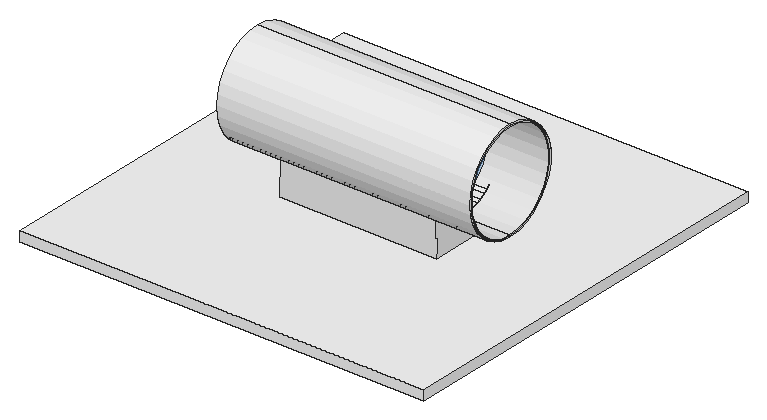
Revit family "BE_51144.2_de_DE", category Leuchten, Revit 2020
Family settings
  Basisbauteil = Fläche
  Bemaßung runder Anschluss = Durchmesser verwenden
  Teiletyp = Normal
  Beim Laden mit Abzugskörper schneiden = Ja
  Lichtquelle = Ja
  Gemeinsam genutzt = Nein
  Raumberechnungspunkt = Ja
Parameters (values of type "BEGA_51144.2_K3")
  built-in parameter 1150104 = 12.727 (stored number, unit not read)
  Wattage = 24.6 W
  Default Elevation = 0 mm
  built-in parameter 1150113 = 1 (stored number, unit not read)
  built-in parameter 1114218 = 1 (stored number, unit not read)
  Umgebungstemperatur = "25 °C"
  URL = "https://www.bega.com/de/produkt/51144.2"
  Typenkommentare = "© 2022 BEGA. Wir behalten uns das Recht vor, technische Änderungen ohne vorherige Ankündigung vorzunehmen."  # constant formula
  built-in parameter 1150134 = (empty or 0)
  built-in parameter 1150109 = 1 (stored number, unit not read)
  Strom = ""
  built-in parameter 1150110 = 1 (stored number, unit not read)
  Spannung = 239.996 V
  Sonderanfertigung = no
  Seriennummer [instance] = "Hier können Sie die eindeutige Seriennummer für das Facility Management eintragen."
  Schutzklasse = "I"
  Schutzart = "IP 20"
  Scheinlast = 0 VA
  Produktdatenblatt = "https://cdn.bega.com/bega/products/51144.2K3/current/documents/data-sheets/de"
  Oberflächentemperatur = ""
  Neigungswinkel = 0.00°
  Modell = "51144.2K3"
  Material_34 = BEGA_Oberfläche_Samtweiss_matt
  Material_22 = BEGA_Oberfläche_Aluminium_matt
  Material_15 = BEGA_Leuchtmedium_matt
  Material_13 = BEGA_Kunststoff_matt
  Material_08 = BEGA_Oberfläche_Stahl_verzinkt
  Material_05 = BEGA_Oberfläche_Aluminium Guss
  M_W = no
  M_G = no
  M_A = no
  Logo = 0
  built-in parameter 1114217 = 1 (stored number, unit not read)
  built-in parameter 1150139 = (empty or 0)
  built-in parameter 1150105 = 268.17 (stored number, unit not read)
  built-in parameter 1150114 = 1 (stored number, unit not read)
  Lumens = 3369.95 lm
  built-in parameter 1150115 = 1 (stored number, unit not read)
  Leuchtenlichtstrom = "1456 lm"
  Leuchtenanzahl = ""
  Lebensdauerkriterien = "L70B50 @ 25 °C = 130000 h"
  Lastklassifizierung = Beleuchtung
  built-in parameter 1150112 = 1 (stored number, unit not read)
  Lampenlichtstrom = "3370 lm"
  Lampe = "LED 24.6 W"
  LED_Modulbezeichnung = "2x LED-0986/930"
  Hersteller = "BEGA"  # constant formula
  Halbstreuwinkel = ""
  Gewicht = "1.15 kg"
  Gebrauchslageneinschränkung [instance] = ""
  Frequenz = "0/50-60 Hz"
  Farbwiedergabeindex = "CRI > 90"
  Farbtemperaturverschiebung bei Dämpfen der Lampe = <Keine Auswahl>
  Farbtemperatur = "3000 K"
  Color Filter = 16777215
  built-in parameter 1150133 = 10 (stored number, unit not read)
  Energieeffizienzklasse = "LED A++ - A"
  built-in parameter 1150137 = (empty or 0)
  built-in parameter 1150132 = (empty or 0)
  ENEC = ""
  Dimmbar [instance] = "DALI"
  Datei für fotometrisches Netz = "BE_51144-2K3.ies"
  CE_Konformität = "ja"
  Bestellnummer = "51144.2K3"
  Beschreibung_Sonderanfertigung = "Hier können Sie Informationen zur Sonderanfertigung eintragen."
  Beschreibung = "Wandleuchte"
  built-in parameter 1150106 = 2.6817 (stored number, unit not read)
  Befestigungsbohrung = "Ø 4,5 mm"
  Befestigungsabstand = "90 x 38 mm"
  Ballwurfsicher = ""
  BEGA_Intern_aus = yes
  BEGA_Intern_an = yes
  BEGA_Intern_Konstruktion = yes
  BEGA_Intern = yes
  BEGA_IES = yes
  BEGA_Dummy = no
  Anschlussleitung = ""
  Anschlussleistung [instance] = "28 W"
  Anschlusskasten = ""
  built-in parameter 1150107 = 3000 (stored number, unit not read)
  built-in parameter 1150102 = (empty or 0)
  built-in parameter 1150138 = (empty or 0)
  Aktualisierung = "2022-10-24T04:00:03"
  Abstand_zur_angestrahlten_Fläche [instance] = ""
  AC/DC = "AC/DC"
Reference planes
  plane 1 "Mitte (Vorne/Hinten)": y = 0
  plane 2: z = 0
  plane 3 "Mitte (Links/Rechts)": x = 0
  plane 4 "Links": x = -125
  plane 5 "Rechts": x = 125
  plane 6 "Unten": y = -50.058
  plane 7 "Oben": y = 50.058
  plane 8 "Vorne": z = 121
  plane 9 "Hinten": z = 0
Forms (mm)
  Extrusion 1, solid, material "BEGA_Platte_Weiss"
    sketch origin (0, -1119.2, 0) x (1, 0, 0) y (0, 1, 0)
      loop
        line (-200, 1319.2) -> (-200, 919.2) -> (200, 919.2) -> (200, 1319.2) -> (-200, 1319.2)
    from 0 to -10
  Extrusion 2, solid, material "BEGA_Dummy_matt", visible <- "BEGA_Dummy"
    sketch origin (80.095, -76.023, 0) x (1, 0, 0) y (0, 1, 0)
      loop
        line (-205.095, 126.082) -> (-205.095, 25.965) -> (44.905, 25.965) -> (44.905, 126.082) -> (-205.095, 126.082)
    from 0 to 121
Dimensions and locks
  plane 1 "Mitte (Vorne/Hinten)" to Extrusion 1 = 200 mm
  aligned and locked: plane 2 to Extrusion 1
  aligned and locked: level to Extrusion 1
Nested families
  nested 1: "BE_51144.2_Leuchte" at (0, 0, 0), type "BE_51144.2_Leuchte"
Connectors
  electrical at (0, 0, 0), driven by "Lastklassifizierung", driven by "Spannung", driven by "Scheinlast"
    settings: index 1, voltage 239.996 V, apparent load 0 VA, apparent load phase1 0 VA, apparent load phase2 0 VA, apparent load phase3 0 VA, power factor 1, load classification "Beleuchtung", number of poles 1, system type 31, power factor state 1, is connector primary yes, connector utility no, sub classification motor no, connector description ""
Definition of nested family "BE_51144.2_Leuchte"
  Parameters (values of type "BE_51144.2_Leuchte")
    Default Elevation = 1 mm
    URL = "http://www.bega.de/de/produkt"
    Type Comments = "© 2015 BEGA. Wir behalten uns das Recht vor, technische Änderungen ohne vorherige Ankündigung vorzunehmen. "  # constant formula
    Type Image = (empty or 0)
    Material_34 = none
    Material_22 = none
    Material_15 = none
    Material_13 = none
    Material_08 = none
    Material_05 = none
    Länge_Platte = 200 mm  # constant formula
    Höhe_Platte = -10 mm  # constant formula
    Manufacturer = "BEGA"  # constant formula
    Breite_Platte = 200 mm  # constant formula
  Reference planes
    plane 1 "Mitte (Oben/Unten)": y = 0
    plane 2: z = 0
    plane 3 "Mitte (Links/Rechts)": x = 0
    plane 4: x = 125
    plane 5: x = -125
    plane 6: z = 121
    plane 7: z = 0
    plane 8: z = 0
    plane 9: y = -50.058
    plane 10: y = 50.058
  Forms (mm)
    Extrusion 1, solid, detail levels medium
      sketch origin (0, 0, 0) x (1, 0, 0) y (0, 1, 0)
        loop
          line (-100, 100) -> (-100, -100) -> (100, -100) -> (100, 100) -> (-100, 100)
      from 0 to -10 <- "Höhe_Platte"
    Extrusion 2, solid, material <- "Material_08"
      sketch origin (0, 0, 0) x (1, 0, 0) y (0, 0, 1)
        loop
          line (62.457, 5.5) -> (-65.543, 5.5) -> (-70.493, 10.45) -> (-71.907, 9.036) -> (-66.957, 4.086)
          arc (-66.957, 4.086) -> (-66.308, 3.652) -> (-65.543, 3.5) r 2
          line (-65.543, 3.5) -> (-61.043, 3.5) -> (-59.828, 1.097)
          arc (-59.828, 1.097) -> (-59.09, 0.296) -> (-58.043, 0) r 2
          line (-58.043, 0) -> (-54.043, 0)
          arc (-54.043, 0) -> (-52.992, 0.299) -> (-52.254, 1.105) r 2
          line (-52.254, 1.105) -> (-51.043, 3.5) -> (47.957, 3.5) -> (49.172, 1.097)
          arc (49.172, 1.097) -> (49.909, 0.296) -> (50.957, 0) r 2
          line (50.957, 0) -> (54.957, 0)
          arc (54.957, 0) -> (56.005, 0.296) -> (56.742, 1.097) r 2
          line (56.742, 1.097) -> (57.957, 3.5) -> (62.457, 3.5)
          arc (62.457, 3.5) -> (63.226, 3.654) -> (63.877, 4.092) r 2
          line (63.877, 4.092) -> (69.421, 9.636) -> (68.007, 11.05) -> (62.457, 5.5)
      from -28.034 to 28.034
    Extrusion 3, void
      sketch origin (0, 0, 0) x (1, 0, 0) y (0, 1, 0)
        loop
          arc (41.043, 7.018) -> (35.534, 12.5) -> (30.043, 7) r 5.5
          line (30.043, 7) -> (30.043, -7)
          arc (30.043, -7) -> (35.552, -12.5) -> (41.043, -6.982) r 5.5
          line (41.043, -6.982) -> (41.043, 7.018)
        loop
          arc (49.293, -17.25) -> (47.043, -15) -> (44.793, -17.25) r 2.25
          line (44.793, -17.25) -> (44.793, -20.75)
          arc (44.793, -20.75) -> (47.043, -23) -> (49.293, -20.75) r 2.25
          line (49.293, -20.75) -> (49.293, -17.25)
        loop
          arc (-44.207, 21.25) -> (-46.457, 19) -> (-44.207, 16.75) r 2.25
          line (-44.207, 16.75) -> (-40.707, 16.75)
          arc (-40.707, 16.75) -> (-38.457, 19) -> (-40.707, 21.25) r 2.25
          line (-40.707, 21.25) -> (-44.207, 21.25)
      from 0 to 11.05
    Extrusion 4, solid, material <- "Material_05"
      sketch origin (0, 0, 0) x (1, 0, 0) y (0, 0, 1)
        loop
          line (78.36, 0) -> (77.7, 37.817) -> (-75.7, 37.817) -> (-76.36, 0) -> (-73.221, 0) -> (-72.569, 18.662) -> (72.959, 18.662) -> (73.611, 0) -> (78.36, 0)
      from -32.994 to 32.954
    Extrusion 5, solid, material <- "Material_05"
      sketch origin (0, 0, 0) x (1, 0, 0) y (0, 0, 1)
        loop
          line (72.959, 18.662) -> (-72.569, 18.662) -> (-73.221, 0) -> (73.611, 0) -> (72.959, 18.662)
      from -32.994 to -30.064
    Extrusion 6, solid, material <- "Material_05"
      sketch origin (0, 0, 0) x (1, 0, 0) y (0, 0, -1)
        loop
          line (72.959, -18.662) -> (73.611, 0) -> (-73.221, 0) -> (-72.569, -18.662) -> (72.959, -18.662)
      from -32.954 to -30.064
    Revolve 7, solid, material <- "Material_22"
      sketch origin (0, 0, 0) x (1, 0, 0) y (0, 0, 1)
        loop
          line (125, 21.954) -> (125, 23) -> (-125, 23) -> (-125, 21.954) -> (125, 21.954)
        axis (125, 71) -> (-125, 71)
      angle from 0 to 360
    Revolve 8, solid, material <- "Material_34"
      sketch origin (0, 0, 0) x (1, 0, 0) y (0, 0, 1)
        loop
          line (-125, 21) -> (125, 21) -> (125, 21.953) -> (-125, 21.953) -> (-125, 21)
        axis (125, 71) -> (-125, 71)
      angle from 0 to 360
    Extrusion 9, void
      sketch origin (0, 0, 0) x (0, 1, 0) y (0, 0, 1)
        loop
          circle (0, 71) r 48
      from 0 to 250
    Extrusion 10, void
      sketch origin (0, 0, 0) x (0, 1, 0) y (0, 0, 1)
        loop
          circle (0, 71) r 48
      from -125 to 125
    Extrusion 11, solid, material <- "Material_22"
      sketch origin (0, 0, 0.06) x (0, 1, 0) y (0, 0, 1)
        loop
          arc (15, 106.127) -> (0, 109.213) -> (-15, 106.127) r 38
          line (-15, 106.127) -> (-15, 59.162) -> (-22.5, 59.162)
          arc (-22.5, 59.162) -> (-24.621, 58.283) -> (-25.5, 56.162) r 3
          line (-25.5, 56.162) -> (-25.5, 42.162)
          arc (-25.5, 42.162) -> (-24.621, 40.04) -> (-22.5, 39.162) r 3
          line (-22.5, 39.162) -> (-22.5, 28.6)
          arc (-22.5, 28.6) -> (-11.593, 24.421) -> (0, 23) r 48
          arc (0, 23) -> (11.593, 24.421) -> (22.5, 28.6) r 48
          line (22.5, 28.6) -> (22.5, 39.162)
          arc (22.5, 39.162) -> (24.621, 40.04) -> (25.5, 42.162) r 3
          line (25.5, 42.162) -> (25.5, 56.162)
          arc (25.5, 56.162) -> (24.621, 58.283) -> (22.5, 59.162) r 3
          line (22.5, 59.162) -> (15, 59.162) -> (15, 106.127)
      from 50.5 to 53.5
    Extrusion 12, solid, material <- "Material_22"
      sketch origin (0, 0, 0.06) x (0, 1, 0) y (0, 0, -1)
        loop
          line (15, -106.127) -> (15, -59.162) -> (22.5, -59.162)
          arc (22.5, -59.162) -> (24.621, -58.283) -> (25.5, -56.162) r 3
          line (25.5, -56.162) -> (25.5, -42.162)
          arc (25.5, -42.162) -> (24.621, -40.04) -> (22.5, -39.162) r 3
          line (22.5, -39.162) -> (22.5, -28.6)
          arc (22.5, -28.6) -> (11.593, -24.421) -> (0, -23) r 48
          arc (0, -23) -> (-11.593, -24.421) -> (-22.5, -28.6) r 48
          line (-22.5, -28.6) -> (-22.5, -39.162)
          arc (-22.5, -39.162) -> (-24.621, -40.04) -> (-25.5, -42.162) r 3
          line (-25.5, -42.162) -> (-25.5, -56.162)
          arc (-25.5, -56.162) -> (-24.621, -58.283) -> (-22.5, -59.162) r 3
          line (-22.5, -59.162) -> (-15, -59.162) -> (-15, -106.127)
          arc (-15, -106.127) -> (0, -109.213) -> (15, -106.127) r 38
      from 50.5 to 53.5
    Revolve 13, solid, material <- "Material_15"
      sketch origin (0, 0, 0) x (1, 0, 0) y (0, 0, 1)
        loop
          line (-55.05, 71) -> (-53.5, 71) -> (-53.5, 76) -> (-55.05, 76) -> (-55.05, 71)
        axis (-53.5, 71) -> (-55.05, 71)
      angle from 0 to 360
    Revolve 14, solid, material <- "Material_15"
      sketch origin (0, 0, 0) x (-1, 0, 0) y (0, 0, 1)
        loop
          line (-55.05, 71) -> (-53.5, 71) -> (-53.5, 76) -> (-55.05, 76) -> (-55.05, 71)
        axis (-53.5, 71) -> (-55.05, 71)
      angle from 0 to 360
    Revolve 15, solid, material <- "Material_13"
      sketch origin (0, 0, 0) x (1, 0, 0) y (0, 0, 1)
        loop
          line (65.5, 118.5) -> (60.5, 118.5) -> (60.5, 71) -> (65.5, 71) -> (65.5, 118.5)
        axis (65.5, 71) -> (60.5, 71)
      angle from 0 to 360
    Revolve 16, solid, material <- "Material_13"
      sketch origin (0, 0, 0) x (-1, 0, 0) y (0, 0, 1)
        loop
          line (65.5, 118.5) -> (60.5, 118.5) -> (60.5, 71) -> (65.5, 71) -> (65.5, 118.5)
        axis (65.5, 71) -> (60.5, 71)
      angle from 0 to 360
  Cuts and joins
    Extrusion 3 cuts Extrusion 2
    Extrusion 9, Extrusion 10 cuts Extrusion 4
    Extrusion 9, Extrusion 10 cuts Extrusion 5
    Extrusion 9, Extrusion 10 cuts Extrusion 6
    joined: Extrusion 4, Extrusion 5, Extrusion 6
    Extrusion 9, Extrusion 10 cuts Revolve 7
  Dimensions and locks
    equal spacing: Extrusion 1 sketch curve, plane 3 "Mitte (Links/Rechts)", Extrusion 1 sketch curve
    equal spacing: Extrusion 1 sketch curve, plane 1 "Mitte (Oben/Unten)", Extrusion 1 sketch curve
    "Länge_Platte": Extrusion 1 sketch curve to Extrusion 1 sketch curve
    "Breite_Platte": Extrusion 1 sketch curve to Extrusion 1 sketch curve
    plane 1 "Mitte (Oben/Unten)" to Extrusion 1 = 100 mm  (x3)
    aligned and locked: plane 2 to Extrusion 1
    aligned and locked: level to Extrusion 1
  Automatic sketch dimensions
    Extrusion 2 sketch curve to level = 0 mm  (x2)
    level to Extrusion 2 sketch curve = 9.036 mm
    Extrusion 2 sketch curve to plane 3 "Mitte (Links/Rechts)" = 71.907 mm
    level to Extrusion 2 sketch curve = 10.45 mm
    Extrusion 2 sketch curve to Extrusion 2 sketch curve = 1.414 mm  (x3)
    Extrusion 2 sketch curve to Extrusion 2 sketch curve = 4.95 mm
    Extrusion 2 sketch curve to Extrusion 2 sketch curve = 0 mm  (x7)
    Extrusion 2 sketch curve to Extrusion 2 sketch curve = 4.5 mm  (x2)
    Extrusion 2 sketch curve to Extrusion 2 sketch curve = 3 mm  (x3)
    level to Extrusion 2 sketch curve = 2 mm
    Extrusion 2 sketch curve to Extrusion 2 sketch curve = 4 mm  (x2)
    level to Extrusion 2 sketch curve = 1.105 mm
    level to Extrusion 2 sketch curve = 3.5 mm
    Extrusion 2 sketch curve to Extrusion 2 sketch curve = 1.211 mm
    plane 3 "Mitte (Links/Rechts)" to Extrusion 2 sketch curve = 47.957 mm
    level to Extrusion 2 sketch curve = 4.092 mm
    Extrusion 2 sketch curve to Extrusion 2 sketch curve = 1.42 mm
    level to Extrusion 2 sketch curve = 11.05 mm
    Extrusion 2 sketch curve to Extrusion 2 sketch curve = 5.55 mm
    level to Extrusion 2 sketch curve = 9.636 mm
    Extrusion 2 sketch curve to Extrusion 2 sketch curve = 2 mm  (x4)
    Extrusion 2 sketch curve to Extrusion 2 sketch curve = 1.5 mm  (x2)
    level to Extrusion 2 sketch curve = 4.086 mm
    level to Extrusion 2 sketch curve = 1.097 mm  (x4)
    Extrusion 2 sketch curve to Extrusion 2 sketch curve = 1.785 mm  (x2)
    Extrusion 3 sketch curve to plane 1 "Mitte (Oben/Unten)" = 16.75 mm
    Extrusion 3 sketch curve to plane 3 "Mitte (Links/Rechts)" = 44.207 mm
    Extrusion 3 sketch curve to Extrusion 3 sketch curve = 3.5 mm  (x2)
    Extrusion 3 sketch curve to plane 1 "Mitte (Oben/Unten)" = 7 mm
    plane 3 "Mitte (Links/Rechts)" to Extrusion 3 sketch curve = 30.043 mm
    Extrusion 3 sketch curve to Extrusion 3 sketch curve = 5.5 mm  (x3)
    Extrusion 3 sketch curve to Extrusion 3 sketch curve = 3.75 mm
    Extrusion 3 sketch curve to Extrusion 3 sketch curve = 2.25 mm  (x2)
    plane 1 "Mitte (Oben/Unten)" to Extrusion 3 sketch curve = 6.982 mm
    Extrusion 3 sketch curve to Extrusion 3 sketch curve = 10.268 mm
    Extrusion 4 sketch curve to level = 0 mm  (x2)
    Extrusion 4 sketch curve to plane 3 "Mitte (Links/Rechts)" = 76.36 mm
    level to Extrusion 4 sketch curve = 37.817 mm
    Extrusion 4 sketch curve to Extrusion 4 sketch curve = 0.66 mm
    Extrusion 4 sketch curve to Extrusion 4 sketch curve = 3.14 mm
    level to Extrusion 4 sketch curve = 18.662 mm
    Extrusion 4 sketch curve to Extrusion 4 sketch curve = 0.652 mm  (x2)
    plane 3 "Mitte (Links/Rechts)" to Extrusion 4 sketch curve = 72.959 mm
    Extrusion 4 sketch curve to Extrusion 4 sketch curve = 4.741 mm
    Extrusion 4 sketch curve to Extrusion 4 sketch curve = 4.749 mm
    Extrusion 5 sketch curve to level = 0 mm
    Extrusion 5 sketch curve to plane 3 "Mitte (Links/Rechts)" = 73.221 mm
    Extrusion 5 sketch curve to Extrusion 5 sketch curve = 0.652 mm  (x2)
    level to Extrusion 5 sketch curve = 18.662 mm
    plane 3 "Mitte (Links/Rechts)" to Extrusion 5 sketch curve = 72.959 mm
    Extrusion 6 sketch curve to level = 0 mm
    Extrusion 6 sketch curve to plane 3 "Mitte (Links/Rechts)" = 73.221 mm
    Extrusion 6 sketch curve to Extrusion 6 sketch curve = 0.652 mm  (x2)
    level to Extrusion 6 sketch curve = 18.662 mm
    plane 3 "Mitte (Links/Rechts)" to Extrusion 6 sketch curve = 72.959 mm
    level to Revolve 7 sketch curve = 21.954 mm
    Revolve 7 sketch curve to plane 3 "Mitte (Links/Rechts)" = 125 mm
    plane 3 "Mitte (Links/Rechts)" to Revolve 7 sketch curve = 125 mm
    Revolve 7 sketch curve to Revolve 7 sketch curve = 1.046 mm
    Revolve 7 sketch curve to Revolve 7 sketch curve = 2 mm  (x2)
    Revolve 7 sketch curve to Revolve 7 sketch curve = 48 mm
    level to Revolve 8 sketch curve = 21 mm
    Revolve 8 sketch curve to plane 3 "Mitte (Links/Rechts)" = 125 mm
    plane 3 "Mitte (Links/Rechts)" to Revolve 8 sketch curve = 125 mm
    Revolve 8 sketch curve to Revolve 8 sketch curve = 0.953 mm
    Revolve 8 sketch curve to Revolve 8 sketch curve = 2 mm  (x2)
    Revolve 8 sketch curve to Revolve 8 sketch curve = 49.047 mm
    Extrusion 9 sketch curve to Extrusion 9 sketch curve = 0 mm  (x2)
    Extrusion 9 sketch curve to plane 1 "Mitte (Oben/Unten)" = 0 mm
    level to Extrusion 9 sketch curve = 71 mm
    level to Extrusion 9 sketch curve = 23 mm
    Extrusion 10 sketch curve to Extrusion 10 sketch curve = 0 mm  (x2)
    Extrusion 10 sketch curve to plane 1 "Mitte (Oben/Unten)" = 0 mm
    level to Extrusion 10 sketch curve = 71 mm
    level to Extrusion 10 sketch curve = 23 mm
    Extrusion 11 sketch curve to Extrusion 11 sketch curve = 0 mm  (x3)
    Extrusion 11 sketch curve to plane 1 "Mitte (Oben/Unten)" = 0 mm  (x2)
    plane 1 "Mitte (Oben/Unten)" to Extrusion 11 sketch curve = 15 mm
    Extrusion 11 sketch curve to Extrusion 11 sketch curve = 7.5 mm  (x3)
    Extrusion 11 sketch curve to Extrusion 11 sketch curve = 3 mm  (x2)
    Extrusion 11 sketch curve to plane 1 "Mitte (Oben/Unten)" = 15 mm
    level to Extrusion 11 sketch curve = 28.66 mm
    Extrusion 11 sketch curve to Extrusion 11 sketch curve = 10.561 mm  (x2)
    Extrusion 11 sketch curve to Extrusion 11 sketch curve = 14 mm  (x2)
    Extrusion 11 sketch curve to Extrusion 11 sketch curve = 11.838 mm
    Extrusion 11 sketch curve to Extrusion 11 sketch curve = 0.213 mm
    Extrusion 11 sketch curve to Extrusion 11 sketch curve = 34.914 mm
    Extrusion 12 sketch curve to Extrusion 12 sketch curve = 0 mm  (x3)
    Extrusion 12 sketch curve to plane 1 "Mitte (Oben/Unten)" = 0 mm  (x2)
    plane 1 "Mitte (Oben/Unten)" to Extrusion 12 sketch curve = 15 mm
    Extrusion 12 sketch curve to Extrusion 12 sketch curve = 7.5 mm  (x3)
    Extrusion 12 sketch curve to Extrusion 12 sketch curve = 3 mm  (x2)
    Extrusion 12 sketch curve to plane 1 "Mitte (Oben/Unten)" = 15 mm
    level to Extrusion 12 sketch curve = 106.187 mm
    Extrusion 12 sketch curve to Extrusion 12 sketch curve = 34.914 mm
    Extrusion 12 sketch curve to Extrusion 12 sketch curve = 0.213 mm
    Extrusion 12 sketch curve to Extrusion 12 sketch curve = 11.838 mm  (x2)
    Extrusion 12 sketch curve to Extrusion 12 sketch curve = 14 mm  (x2)
    Extrusion 12 sketch curve to Extrusion 12 sketch curve = 10.561 mm
    Revolve 13 sketch curve to plane 3 "Mitte (Links/Rechts)" = 55.05 mm
    Revolve 13 sketch curve to Revolve 13 sketch curve = 1.55 mm
    level to Revolve 13 sketch curve = 71 mm  (x2)
    Revolve 13 sketch curve to Revolve 13 sketch curve = 5 mm
    Revolve 13 sketch curve to Revolve 13 sketch curve = 71.95 mm
    plane 3 "Mitte (Links/Rechts)" to Revolve 13 sketch curve = 127 mm
    Revolve 14 sketch curve to plane 3 "Mitte (Links/Rechts)" = 55.05 mm
    Revolve 14 sketch curve to Revolve 14 sketch curve = 1.55 mm
    Revolve 14 sketch curve to level = 71 mm  (x2)
    Revolve 14 sketch curve to Revolve 14 sketch curve = 5 mm
    Revolve 14 sketch curve to Revolve 14 sketch curve = 71.95 mm
    plane 3 "Mitte (Links/Rechts)" to Revolve 14 sketch curve = 127 mm
    plane 3 "Mitte (Links/Rechts)" to Revolve 15 sketch curve = 60.5 mm
    Revolve 15 sketch curve to Revolve 15 sketch curve = 5 mm
    level to Revolve 15 sketch curve = 71 mm
    Revolve 15 sketch curve to Revolve 15 sketch curve = 47.5 mm
    Revolve 15 sketch curve to plane 3 "Mitte (Links/Rechts)" = 127 mm
    Revolve 15 sketch curve to Revolve 15 sketch curve = 61.5 mm
    Revolve 15 sketch curve to Revolve 15 sketch curve = 0 mm
    plane 3 "Mitte (Links/Rechts)" to Revolve 16 sketch curve = 60.5 mm
    Revolve 16 sketch curve to Revolve 16 sketch curve = 5 mm
    Revolve 16 sketch curve to level = 71 mm
    Revolve 16 sketch curve to Revolve 16 sketch curve = 47.5 mm
    Revolve 16 sketch curve to plane 3 "Mitte (Links/Rechts)" = 127 mm
    Revolve 16 sketch curve to Revolve 16 sketch curve = 61.5 mm
    Revolve 16 sketch curve to Revolve 16 sketch curve = 0 mm
